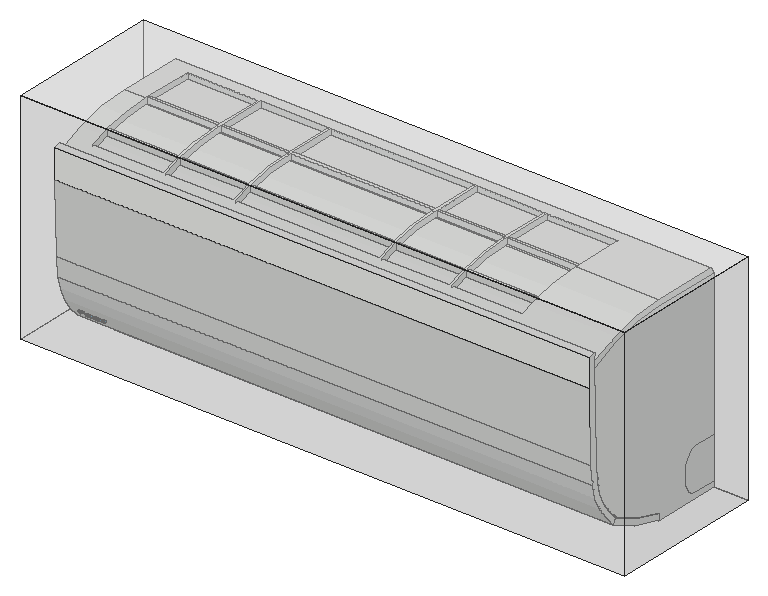
Revit family "outputfile", category 機械設備, Revit 2024
Family settings
  丸型コネクタ寸法 = 半径を使用
  パーツ タイプ = 標準
  OmniClass 番号 = 23.75.10.24.21.27.27
  OmniClass タイトル = Split System Air Conditioning Units
  作業面ベース = いいえ
  常に垂直 = はい
  ロード時にボイドで切り取り = いいえ
  注釈の向きを維持 = いいえ
  共有 = いいえ
  部屋計算ポイント = いいえ
Parameters (values of type "FTXF46WVMA")
  Description = ""
  書き出し IFC クラス(タイプ) = "IfcUnitaryEquipmentType"
  定義済み IFC タイプ(タイプ) = "AIRCONDITIONINGUNIT"
  Cost = 0
  Type Comments = ""
  Keynote = ""
  Type Image = (empty or 0)
  Assembly Code = ""
  w_wall hole = if(Width = 770.0 mm, 48.0 mm, 60.0 mm)  # 48.0 mm
  製造元 = "Daikin"
  モデル = "FTXF46WVMA"
  switch_frequency = yes
  r_Liquid Pipe Size = Liquid Pipe Size / 2  # 3.2 mm
  r_Gas Pipe Size = Gas Pipe Size / 2  # 6.35 mm
  r_Drain Pipe Size = Drain Pipe Size / 2  # 8.0 mm
  lw_powersupply [instance] = if(Width = 770.0 mm, if(or(Rear Right Connection_refrigerant, Bottom Right Connection_refrigerant), 25.0 mm, if(or(Rear Left Connection_refrigerant, Bottom Left Connection_refrigerant), 745.0 mm, 400.0 mm)), if(Width = 990.0 mm, if(or(Rear Right Connection_refrigerant, Bottom Right Connection_refrigerant), 40.0 mm, if(or(Rear Left Connection_refrigerant, Bottom Left Connection_refrigerant), 920.0 mm, 400.0 mm)), if(or(Rear Right Connection_refrigerant, Bottom Right Connection_refrigerant), 40.0 mm, if(or(Rear Left Connection_refrigerant, Bottom Left Connection_refrigerant), 920.0 mm, 400.0 mm))))  # 400.0 mm
  lw_liquidpipe [instance] = if(Width = 770.0 mm, if(or(Rear Right Connection_refrigerant, Bottom Right Connection_refrigerant), 0.0 mm, if(or(Rear Left Connection_refrigerant, Bottom Left Connection_refrigerant), 664.0 mm, 385.0 mm)), if(Width = 990.0 mm, if(or(Rear Right Connection_refrigerant, Bottom Right Connection_refrigerant), 0.0 mm, if(or(Rear Left Connection_refrigerant, Bottom Left Connection_refrigerant), 664.0 mm + (990.0 mm - 770.0 mm), 475.0 mm)), if(or(Rear Right Connection_refrigerant, Bottom Right Connection_refrigerant), 0.0 mm, if(or(Rear Left Connection_refrigerant, Bottom Left Connection_refrigerant), 664.0 mm + (990.0 mm - 770.0 mm), 475.0 mm))))  # 385.0 mm
  lw_gaspipe [instance] = if(Width = 770.0 mm, if(or(Rear Right Connection_refrigerant, Bottom Right Connection_refrigerant), 0.0 mm, if(or(Rear Left Connection_refrigerant, Bottom Left Connection_refrigerant), 675.0 mm, if(Gas Pipe Size = 12.7 mm, 335.0 mm, 335.0 mm))), if(Width = 990.0 mm, if(or(Rear Right Connection_refrigerant, Bottom Right Connection_refrigerant), 10.0 mm, if(or(Rear Left Connection_refrigerant, Bottom Left Connection_refrigerant), 890.0 mm, if(Gas Pipe Size = 15.9 mm, 400.0 mm, 400.0 mm))), if(or(Rear Right Connection_refrigerant, Bottom Right Connection_refrigerant), 10.0 mm, if(or(Rear Left Connection_refrigerant, Bottom Left Connection_refrigerant), 890.0 mm, if(Gas Pipe Size = 15.9 mm, 400.0 mm, 400.0 mm)))))  # 335.0 mm
  lw_drainpipe [instance] = if(Width = 770.0 mm, if(or(Rear Right Connection_refrigerant, Bottom Right Connection_refrigerant), 0.0 mm, if(or(Rear Left Connection_refrigerant, Bottom Left Connection_refrigerant), 770.0 mm - 48.0 mm - 48.0 mm, 440.0 mm)), if(Width = 990.0 mm, if(or(Rear Right Connection_refrigerant, Bottom Right Connection_refrigerant), 0.0 mm, if(or(Rear Left Connection_refrigerant, Bottom Left Connection_refrigerant), 675.0 mm + (990.0 mm - 770.0 mm), 435.0 mm)), if(or(Rear Right Connection_refrigerant, Bottom Right Connection_refrigerant), 0.0 mm, if(or(Rear Left Connection_refrigerant, Bottom Left Connection_refrigerant), 675.0 mm + (990.0 mm - 770.0 mm), 435.0 mm))))  # 440.0 mm
  l_powersupply_length [instance] = if(Width = 770.0 mm, if(Right Connection_refrigerant, 400.0 mm, if(Left Connection_refrigerant, 770.0 mm - 400.0 mm, if(or(Rear Left Connection_refrigerant, Rear Right Connection_refrigerant), 15.0 mm, 50.0 mm))), if(Width = 990.0 mm, if(Right Connection_refrigerant, 400.0 mm, if(Left Connection_refrigerant, 990.0 mm - 400.0 mm, if(or(Rear Left Connection_refrigerant, Rear Right Connection_refrigerant), 15.0 mm, 50.0 mm))), if(Right Connection_refrigerant, 400.0 mm, if(Left Connection_refrigerant, 990.0 mm - 400.0 mm, if(or(Rear Left Connection_refrigerant, Rear Right Connection_refrigerant), 15.0 mm, 50.0 mm)))))  # 400.0 mm
  l_liquidpipe_length [instance] = if(Width = 770.0 mm, if(Right Connection_refrigerant, 433.0 mm, if(Left Connection_refrigerant, 337.0 mm, if(or(Rear Left Connection_refrigerant, Rear Right Connection_refrigerant), 30.0 mm, 40.0 mm))), if(Width = 990.0 mm, if(Right Connection_refrigerant, 535.0 mm, if(Left Connection_refrigerant, 455.0 mm, if(or(Rear Left Connection_refrigerant, Rear Right Connection_refrigerant), 30.0 mm, 40.0 mm))), if(Right Connection_refrigerant, 535.0 mm, if(Left Connection_refrigerant, 455.0 mm, if(or(Rear Left Connection_refrigerant, Rear Right Connection_refrigerant), 30.0 mm, 40.0 mm)))))  # 433.0 mm
  l_gaspipe_length [instance] = if(Width = 770.0 mm, if(Right Connection_refrigerant, if(Gas Pipe Size = 12.7 mm, 383.0 mm, 383.0 mm), if(Left Connection_refrigerant, if(Gas Pipe Size = 12.7 mm, 770.0 mm - 383.0 mm, 770.0 mm - 383.0 mm), if(or(Rear Left Connection_refrigerant, Rear Right Connection_refrigerant), 40.0 mm, 50.0 mm))), if(Width = 990.0 mm, if(Right Connection_refrigerant, if(Gas Pipe Size = 15.9 mm, 460.0 mm, 460.0 mm), if(Left Connection_refrigerant, if(Gas Pipe Size = 15.9 mm, 990.0 mm - 460.0 mm, 990.0 mm - 460.0 mm), if(or(Rear Left Connection_refrigerant, Rear Right Connection_refrigerant), 40.0 mm, 50.0 mm))), if(Right Connection_refrigerant, if(Gas Pipe Size = 15.9 mm, 460.0 mm, 460.0 mm), if(Left Connection_refrigerant, if(Gas Pipe Size = 15.9 mm, 990.0 mm - 460.0 mm, 990.0 mm - 460.0 mm), if(or(Rear Left Connection_refrigerant, Rear Right Connection_refrigerant), 40.0 mm, 50.0 mm)))))  # 383.0 mm
  l_drainpipe_length [instance] = if(Width = 770.0 mm, if(Right Connection_refrigerant, 488.0 mm, if(Left Connection_refrigerant, 282.0 mm, if(or(Rear Left Connection_refrigerant, Rear Right Connection_refrigerant), 15.0 mm, 20.0 mm))), if(Width = 990.0 mm, if(Right Connection_refrigerant, 495.0 mm, if(Left Connection_refrigerant, 495.0 mm, if(or(Rear Left Connection_refrigerant, Rear Right Connection_refrigerant), 15.0 mm, 20.0 mm))), if(Right Connection_refrigerant, 495.0 mm, if(Left Connection_refrigerant, 495.0 mm, if(or(Rear Left Connection_refrigerant, Rear Right Connection_refrigerant), 15.0 mm, 20.0 mm)))))  # 488.0 mm
  h*** = 0.0 mm  # constant formula
  connector_voltage = Voltage_50Hz  # 230 V
  connector_powerinput = if([Power Input (Cooling)] > [Power Input (Heating)], [Power Input (Cooling)], [Power Input (Heating)])  # 0.000 kW
  connector_phase = Phase_50Hz  # 1
  angle_vertical [instance] = if(or(Bottom Left Connection_refrigerant, Bottom Right Connection_refrigerant), 0.00°, 90.00°)  # 90.00°
  angle_horizontal [instance] = if(Right Connection_refrigerant, 90.00°, if(Left Connection_refrigerant, -90.00°, if(or(Rear Left Connection_refrigerant, Rear Right Connection_refrigerant), 180.00°, 0.00°)))  # 90.00°
  Width = 770.0 mm
  Voltage_comment_50Hz = "220 - 240"
  Voltage_50Hz = 230 V
  Version = "ver.1.0"
  Unit Type = "Wall Mounted"
  Unit Mass Weight = 9.00 kg
  Unit Designation [instance] = ""
  Uniclass2015Version = "Products v1.30"
  Uniclass2015Title = "Split coil room air conditioning units"
  Uniclass2015Code = "Pr_70_65_03_86"
  URL = ""
  Total Heating Capacity [instance] = 0.000 kW
  Total Cooling Capacity [instance] = 0.000 kW
  Sound Pressure Level_M speed (dBA) = 39
  Sound Pressure Level_L speed (dBA) = 35
  Sound Pressure Level_H speed (dBA) = 44
  Sound Power Level_H speed (dB) = 0
  Series = "Single Split_Fan Coil Unit"
  Sensible Cooling Capacity [instance] = 0.000 kW
  Refrigerant Type = "R32"
  Power Input (Heating) = 0.000 kW
  Power Input (Cooling) = 0.000 kW
  Phase_50Hz = 1
  Option Accessory 3 [instance] = ""
  Option Accessory 2 [instance] = ""
  Option Accessory 1 [instance] = ""
  Nominal Heating Capacity = 4.700 kW
  Nominal Cooling Capacity = 4.600 kW
  Minimum Circuit Amps_50Hz = 0.0 A
  Minimum Airflow = 498.00 m³/h
  Median Airflow = 606.00 m³/h
  Maximum Fuse Amps_50Hz = 0.0 A
  Maximum Airflow = 720.00 m³/h
  Material_Casing = DAIKIN_PureWhite_Casing_indoorunit
  Load Classification = HVAC
  Liquid Pipe Size = 6.4 mm
  Link_Nested Family [instance] = ""
  IfcVersion = ""
  IfcExportType = "AIRCONDITIONINGUNIT"
  IfcExportAs = "IfcUnitaryEquipmentType"
  Height = 285.0 mm
  Heating Entering Wet Bulb Temperature [instance] = 0.00 °C
  Heating Entering Dry Bulb Temperature [instance] = 0.00 °C
  Heating Ambient Wet Bulb Temperature [instance] = 0.00 °C
  Heating Ambient Dry Bulb Temperature [instance] = 0.00 °C
  Heat Exchanger Type = "Cross Fin Coil"
  Gas Pipe Size = 12.7 mm
  Frequency_50Hz = 50 Hz
  Fan Type = "Cross Flow Fan"
  Fan Drive = "Direct Drive"
  FCU Tag No. [instance] = ""
  Drain Pipe Size = 16.0 mm
  Design Supply Airflow [instance] = 0.00 m³/h
  Depth = 223.0 mm
  既定の高さ = 0.0 mm
  Cooling Entering Wet Bulb Temperature [instance] = 0.00 °C
  Cooling Entering Dry Bulb Temperature [instance] = 0.00 °C
  Cooling Ambient Wet Bulb Temperature [instance] = 0.00 °C
  Cooling Ambient Dry Bulb Temperature [instance] = 0.00 °C
  Clearance visibility [instance] = yes
  Clearance Top = 30.0 mm
  Clearance Right = 50.0 mm
  Clearance Rear = 0.0 mm
  Clearance Left = 50.0 mm
  Clearance Front = 0.0 mm
  Clearance Bottom = 0.0 mm
  Bottom Right Connection_refrigerant [instance] = no
  Bottom Left Connection_refrigerant [instance] = no
  Rear Right Connection_refrigerant [instance] = no
  Rear Left Connection_refrigerant [instance] = no
  Right Connection_refrigerant [instance] = yes
  Left Connection_refrigerant [instance] = no
Reference planes
  plane 1 "Back": y = 0
  plane 2: z = 0
  plane 3 "Center (Left/Right)": x = 0
  plane 4 "Center (Front/Back)": y = -111.5
  plane 5 "Front": y = -223
  plane 6 "Left": x = -385
  plane 7 "Right": x = 385
  plane 8 "Top": z = 0
  plane 9 "Bottom": z = -285
  plane 10: x = -435
  plane 11: x = 435
  plane 12: y = 0
  plane 13: y = -223
  plane 14: z = 30
  plane 15: z = -285
  plane 16 "lw_Piping and Wiring intake": x = 337
  plane 17 "lw_gaspipe": x = 2
  plane 18 "lw_liquidpipe": x = -48
  plane 19 "lw_drainpipe": x = -103
  plane 20 "lh_drainpipe": z = -265
  plane 21 "lh_liquidpipe": z = -245
  plane 22 "lh_gaspipe": z = -235
  plane 23 "ld_drainpipe": y = -15
  plane 24 "ld_liquidpipe": y = -30
  plane 25 "ld_gaspipe": y = -40
  plane 26 "lw_powersupply": x = -15
Dimensions and locks
  equal spacing: plane 6 "Left", plane 3 "Center (Left/Right)", plane 7 "Right"
  "Width": plane 6 "Left" to plane 7 "Right"
  equal spacing: plane 5 "Front", plane 4 "Center (Front/Back)", plane 1 "Back"
  "Depth": plane 5 "Front" to plane 1 "Back"
  "Height": plane 8 "Top" to plane 9 "Bottom"
  "Clearance Rear": plane 12 to plane 1 "Back"
  "Clearance Front": plane 13 to plane 5 "Front"
  "Clearance Top": plane 14 to plane 8 "Top"
  "Clearance Bottom": plane 9 "Bottom" to plane 15
  "w_wall hole": plane 16 "lw_Piping and Wiring intake" to plane 7 "Right"
  "lw_gaspipe": plane 17 "lw_gaspipe" to plane 16 "lw_Piping and Wiring intake"
  "lw_liquidpipe": plane 18 "lw_liquidpipe" to plane 16 "lw_Piping and Wiring intake"
  "lw_drainpipe": plane 19 "lw_drainpipe" to plane 16 "lw_Piping and Wiring intake"
  locked: plane 20 "lh_drainpipe" to plane 9 "Bottom" at 20
  locked: plane 21 "lh_liquidpipe" to plane 9 "Bottom" at 40
  locked: plane 22 "lh_gaspipe" to plane 9 "Bottom" at 50
  locked: plane 23 "ld_drainpipe" to plane 1 "Back" at 15
  locked: plane 1 "Back" to plane 24 "ld_liquidpipe" at 30
  locked: plane 1 "Back" to plane 25 "ld_gaspipe" at 40
  "lw_powersupply": plane 26 "lw_powersupply" to plane 7 "Right"
  "Clearance Left": plane 10 to plane 6 "Left"
  "Clearance Right": plane 7 "Right" to plane 11
  aligned and locked: level to plane 2
  aligned and locked: plane 12 to nested 1
  aligned and locked: nested 1 to plane 13
  aligned and locked: plane 10 to nested 1
  aligned and locked: plane 11 to nested 1
  aligned and locked: plane 15 to nested 1
  aligned and locked: plane 14 to nested 1
  aligned and locked: plane 17 "lw_gaspipe" to nested 2
  aligned and locked: nested 2 to plane 25 "ld_gaspipe"
  aligned and locked: plane 18 "lw_liquidpipe" to nested 3
  aligned and locked: nested 3 to plane 24 "ld_liquidpipe"
  aligned and locked: plane 19 "lw_drainpipe" to nested 4
  aligned and locked: nested 4 to plane 23 "ld_drainpipe"
  aligned and locked: nested 5 to plane 23 "ld_drainpipe"
  aligned and locked: plane 26 "lw_powersupply" to nested 5
  aligned and locked: level to plane 8 "Top"
  aligned and locked: plane 3 "Center (Left/Right)" to nested 6
  aligned and locked: plane 1 "Back" to nested 6
  aligned and locked: plane 8 "Top" to nested 6
Nested families
  nested 1: "daikin_clearancespace" at (0, -111.5, -127.381), show <- "Clearance visibility", visible <- "Clearance visibility", Link_Nested Family <- "Link_Nested Family", type "daikin_clearancespace"
    with width 870.0 mm, show yes, height 315.0 mm, depth 223.0 mm, Link_Nested Family ""
  nested 2: "daikin_connector_rotate3" at (2, -40, -235), angle_vertical <- "angle_vertical", angle_horizontal <- "angle_horizontal", length <- "l_gaspipe_length", radius <- "r_Gas Pipe Size", type "daikin_connector_rotate3"
    with show no, radius 6.35 mm, length 383.0 mm, angle_vertical 90.00°, angle_horizontal 90.00°
  nested 3: "daikin_connector_rotate3" at (-48, -30, -245), angle_vertical <- "angle_vertical", angle_horizontal <- "angle_horizontal", radius <- "r_Liquid Pipe Size", length <- "l_liquidpipe_length", type "daikin_connector_rotate3"
    with show no, radius 3.2 mm, length 433.0 mm, angle_vertical 90.00°, angle_horizontal 90.00°
  nested 4: "daikin_connector_rotate3" at (-103, -15, -265), angle_vertical <- "angle_vertical", angle_horizontal <- "angle_horizontal", length <- "l_drainpipe_length", radius <- "r_Drain Pipe Size", type "daikin_connector_rotate3"
    with show no, radius 8.0 mm, length 488.0 mm, angle_vertical 90.00°, angle_horizontal 90.00°
  nested 5: "daikin_connector_rotate3" at (-15, -15, -235), angle_vertical <- "angle_vertical", angle_horizontal <- "angle_horizontal", length <- "l_powersupply_length", type "daikin_connector_rotate3"
    with show no, radius 10.0 mm, length 400.0 mm, angle_vertical 90.00°, angle_horizontal 90.00°
  nested 6: "DAIKIN_indoorunit_FTXF-WVMA" at (-31, 0, 0), type "FTXF-WVMA"
Connectors
  piping at (385, -40, -235), diameter 12.7, driven by "r_Gas Pipe Size"
    settings: on nested 2, index 1, connector inside diameter 609.6 mm, connector length 0.0 mm, flow factor 0, pipe flow 0.00 m³/h, pressure drop 0.0 Pa, fitting loss kfactor 0, connector angle 0.00°, fixture units 0, engagement length 0.0 mm, angle of deflection 0.00°, flow configuration 1, flow direction 2, fitting loss method 0, system type 29, joint type 0, gender type 0, connector reference index -1, connector utility 0, adjustable connector no, is connector primary yes, connector description "Refrigerant Gas Piping"
  piping at (385, -30, -245), diameter 6.4, driven by "r_Liquid Pipe Size"
    settings: on nested 3, index 2, connector inside diameter 609.6 mm, connector length 0.0 mm, flow factor 0, pipe flow 0.00 m³/h, pressure drop 0.0 Pa, fitting loss kfactor 0, connector angle 0.00°, fixture units 0, engagement length 0.0 mm, angle of deflection 0.00°, flow configuration 1, flow direction 1, fitting loss method 0, system type 29, joint type 0, gender type 0, connector reference index -1, connector utility 0, adjustable connector no, is connector primary no, connector description "Refrigerant Liquid Piping"
  piping at (385, -15, -265), diameter 16, driven by "r_Drain Pipe Size"
    settings: on nested 4, index 3, connector inside diameter 609.6 mm, connector length 0.0 mm, flow factor 0, pipe flow 0.00 m³/h, pressure drop 0.0 Pa, fitting loss kfactor 0, connector angle 0.00°, fixture units 0, engagement length 0.0 mm, angle of deflection 0.00°, flow configuration 1, flow direction 2, fitting loss method 4, system type 16, joint type 0, gender type 0, connector reference index -1, connector utility 0, adjustable connector no, is connector primary no, connector description "Condensate Drain Piping"
  electrical at (385, -15, -235), driven by "Load Classification", driven by "connector_voltage", driven by "connector_powerinput", driven by "connector_phase"
    settings: on nested 5, index 4, voltage 230 V, apparent load 0 VA, apparent load phase1 0 VA, apparent load phase2 0 VA, apparent load phase3 0 VA, power factor 1, load classification "HVAC", number of poles 1, system type 30, power factor state 1, is connector primary yes, connector utility no, sub classification motor no, connector description "Power Supply"
Definition of nested family "daikin_clearancespace"
  Parameters (values of type "daikin_clearancespace")
    Description = "daikin_clearancespace"
    width [instance] = 1823.963 mm
    show [instance] = yes
    material = none
    height [instance] = 1359.762 mm
    depth [instance] = 880.0 mm
    Default Elevation = 0.0 mm
    Link_Nested Family [instance] = ""
  Reference planes
    plane 1 "Center (Front/Back)": y = 0
    plane 2 "Center (Elevation)": z = -0.119
    plane 3 "Center (Left/Right)": x = 0
    plane 4: y = 440
    plane 5: y = -440
    plane 6 "Right": x = 911.982
    plane 7 "Left": x = -911.982
    plane 8 "Top": z = 679.762
    plane 9 "Bottom": z = -680
  Forms (mm)
    Extrusion 1, solid, material <- "material", visible <- "show"
      sketch origin (0, 0, 0) x (1, 0, 0) y (0, 1, 0)
        loop
          line (-911.982, 440) -> (-911.982, -440) -> (911.982, -440) -> (911.982, 440) -> (-911.982, 440)
      from -680 to 679.762
  Lines and regions (mm)
    symbolic lines, visible <- "show"
      curve 1: line (911.982, 440, 0) -> (-911.982, 440, 0)
      curve 2: line (-911.982, 440, 0) -> (-911.982, -440, 0)
      curve 3: line (-911.982, -440, 0) -> (911.982, -440, 0)
      curve 4: line (911.982, -440, 0) -> (911.982, 440, 0)
      curve 5: line (911.982, 0, 679.762) -> (-911.982, 0, 679.762)
      curve 6: line (911.982, 0, -680) -> (911.982, 0, 679.762)
      curve 7: line (-911.982, 0, -680) -> (911.982, 0, -680)
      curve 8: line (-911.982, 0, 679.762) -> (-911.982, 0, -680)
      curve 9: line (0, 440, 679.762) -> (0, -440, 679.762)
      curve 10: line (0, -440, 679.762) -> (0, -440, -680)
      curve 11: line (0, 440, -680) -> (0, 440, 679.762)
      curve 12: line (0, -440, -680) -> (0, 440, -680)
  Dimensions and locks
    "width": plane 7 "Left" to plane 6 "Right"
    "depth": plane 4 to plane 5
    "height": plane 8 "Top" to plane 9 "Bottom"
    equal spacing: plane 7 "Left", plane 3 "Center (Left/Right)", plane 6 "Right"
    equal spacing: plane 4, plane 1 "Center (Front/Back)", plane 5
    equal spacing: plane 8 "Top", plane 2 "Center (Elevation)", plane 9 "Bottom"
    aligned and locked: level to plane 2 "Center (Elevation)"
    aligned and locked: Extrusion 1 sketch curve to plane 4
    aligned and locked: plane 7 "Left" to Extrusion 1 sketch curve
    aligned and locked: Extrusion 1 sketch curve to plane 5
    aligned and locked: Extrusion 1 sketch curve to plane 6 "Right"
    aligned and locked: plane 8 "Top" to Extrusion 1
    aligned and locked: curve 1 to Extrusion 1
    aligned and locked: curve 2 to Extrusion 1
    aligned and locked: curve 3 to Extrusion 1
    aligned and locked: curve 4 to Extrusion 1
    aligned and locked: curve 5 to Extrusion 1
    aligned and locked: curve 6 to Extrusion 1
    aligned and locked: curve 7 to Extrusion 1
    aligned and locked: curve 8 to Extrusion 1
    aligned and locked: curve 9 to Extrusion 1
    aligned and locked: curve 10 to Extrusion 1
    aligned and locked: curve 11 to Extrusion 1
    aligned and locked: curve 12 to Extrusion 1
    aligned and locked: Extrusion 1 to plane 9 "Bottom"
Definition of nested family "DAIKIN_indoorunit_FTXF-WVMA"
  Parameters (values of type "FTKF-TVMA")
    switch_unit1_60-71 = Width = 990.0 mm  # no
    switch_unit1_20-50 = Width = 770.0 mm  # yes
    Width = 770.0 mm
    WALL HOLE-R = if(Width = 770.0 mm, 48.0 mm, 60.0 mm)  # 48.0 mm
    WALL HOLE Size = if(Width = 770.0 mm, 65.0 mm, 80.0 mm)  # 65.0 mm
    Material_Casing = none
    Height = if(Width = 770.0 mm, 285.0 mm, 295.0 mm)  # 285.0 mm
    Default Elevation = 0.0 mm
  Reference planes
    plane 1 "Center (Front/Back)": y = 0
    plane 2 "reference_level": z = 0
    plane 3 "Center (Left/Right)": x = 31
    plane 4: x = -354
    plane 5: x = 416
    plane 6: z = -285
  Forms (mm)
    Extrusion 1, solid, material <- "Material_Casing", visible <- "switch_unit1_20-50"
      sketch origin (29, 0, 0) x (0, 1, 0) y (0, 0, 1)
        loop
          line (-5, 0) -> (-98, 0)
          arc (-98, 0) -> (-157.611, -7.211) -> (-213.783, -28.427) r 250
          arc (-213.783, -28.427) -> (-213.842, -32.972) -> (-213.892, -37.516) r 2191
          arc (-213.892, -37.516) -> (-157.832, -15.495) -> (-98.07, -8) r 242
          line (-98.07, -8) -> (0, -8) -> (-5, 0)
      from -383 to 387
    Extrusion 2, solid, material <- "Material_Casing", visible <- "switch_unit1_20-50"
      sketch origin (416, 1296.25, 1200) x (0, 1, 0) y (0, 0, 1)
        loop
          line (-1472.998, -1446.91) -> (-1476.998, -1453.839)
          arc (-1476.998, -1453.839) -> (-1437.481, -1472.422) -> (-1395.25, -1483.538) r 240
          line (-1395.25, -1483.538) -> (-1395.25, -1475.422)
          arc (-1395.25, -1475.422) -> (-1435.407, -1464.663) -> (-1472.998, -1446.91) r 232
      from 0 to -47.5
    Extrusion 3, solid, material <- "Material_Casing", visible <- "switch_unit1_20-50"
      sketch origin (29, 0, 0) x (0, 1, 0) y (0, 0, 1)
        loop
          arc (-223, -60.455) -> (-222.414, -110.646) -> (-220.656, -160.81) r 2149.92
          arc (-220.656, -160.81) -> (-219.65, -174.299) -> (-217.853, -187.706) r 229.911
          arc (-217.853, -187.706) -> (-205.371, -223.594) -> (-181.517, -253.17) r 111
          line (-181.517, -253.17) -> (-177.429, -246.093)
          arc (-177.429, -246.093) -> (-198.77, -218.989) -> (-209.965, -186.36) r 103
          arc (-209.965, -186.36) -> (-211.681, -173.586) -> (-212.651, -160.735) r 221.844
          arc (-212.651, -160.735) -> (-214.739, -93.233) -> (-214.74, -25.699) r 2186.828
          arc (-214.74, -25.699) -> (-214.671, -21.467) -> (-214.594, -17.235) r 2192
          line (-214.594, -17.235) -> (-223, -19.961) -> (-223, -60.455)
      from -383 to 387
    Extrusion 4, solid, material <- "Material_Casing", visible <- "switch_unit1_20-50"
      sketch origin (29, 0, -20) x (0, 1, 0) y (0, 0, 1)
        loop
          line (0, -265) -> (0, 12) -> (-98.07, 12)
          arc (-98.07, 12) -> (-157.832, 4.505) -> (-213.892, -17.516) r 242
          arc (-213.892, -17.516) -> (-213.638, -79.114) -> (-211.653, -140.681) r 2191
          arc (-211.653, -140.681) -> (-210.685, -153.501) -> (-208.973, -166.243) r 221
          arc (-208.973, -166.243) -> (-197.471, -199.282) -> (-175.482, -226.491) r 102
          arc (-175.482, -226.491) -> (-138.004, -244.019) -> (-98, -254.579) r 231
          line (-98, -254.579) -> (-98, -265) -> (0, -265)
      from -383 to 387
    Extrusion 5, solid, material <- "Material_Casing", visible <- "switch_unit1_20-50"
      sketch origin (-354, 1296.25, 1200) x (0, 1, 0) y (0, 0, 1)
        loop
          line (-1472.998, -1446.91) -> (-1476.998, -1453.839)
          arc (-1476.998, -1453.839) -> (-1437.481, -1472.422) -> (-1395.25, -1483.538) r 240
          line (-1395.25, -1483.538) -> (-1395.25, -1475.422)
          arc (-1395.25, -1475.422) -> (-1435.407, -1464.663) -> (-1472.998, -1446.91) r 232
      from 47 to 0
    Extrusion 6, solid, material <- "Material_Casing", visible <- "switch_unit1_20-50"
      sketch origin (416, 1296.25, 1200) x (0, 1, 0) y (0, 0, 1)
        loop
          line (-1472.998, -1446.91) -> (-1476.998, -1453.839)
          arc (-1476.998, -1453.839) -> (-1443.437, -1470.168) -> (-1407.75, -1481.097) r 240
          line (-1407.75, -1481.097) -> (-1407.75, -1472.894)
          arc (-1407.75, -1472.894) -> (-1441.363, -1462.385) -> (-1472.998, -1446.91) r 232
      from -116.993 to -48.493
    Extrusion 7, solid, material <- "Material_Casing", visible <- "switch_unit1_20-50"
      sketch origin (416, 1296.25, 1200) x (0, 1, 0) y (0, 0, 1)
        loop
          line (-1472.998, -1446.91) -> (-1476.998, -1453.839)
          arc (-1476.998, -1453.839) -> (-1443.437, -1470.168) -> (-1407.75, -1481.097) r 240
          line (-1407.75, -1481.097) -> (-1407.75, -1472.894)
          arc (-1407.75, -1472.894) -> (-1441.363, -1462.385) -> (-1472.998, -1446.91) r 232
      from -717 to -121.993
    Extrusion 8, void
      sketch origin (31, 0, -235) x (1, 0, 0) y (0, 1, 0)
        loop
          line (-252.674, -22.316) -> (-354.941, -22.316) -> (-354.941, -91.341) -> (-252.674, -91.341) -> (-252.674, -22.316)
        loop
          line (-249.341, -91.341) -> (-151.574, -91.341) -> (-151.574, -22.316) -> (-249.341, -22.316) -> (-249.341, -91.341)
        loop
          line (58.309, -22.316) -> (-148.309, -22.316) -> (-148.309, -91.341) -> (58.309, -91.341) -> (58.309, -22.316)
        loop
          line (61.689, -22.316) -> (61.689, -91.341) -> (159.457, -91.341) -> (159.457, -22.316) -> (61.689, -22.316)
        loop
          line (162.789, -22.316) -> (162.789, -91.341) -> (265.057, -91.341) -> (265.057, -22.316) -> (162.789, -22.316)
        loop
          line (-354.941, -94.659) -> (-354.941, -165.259) -> (-252.674, -165.259) -> (-252.674, -94.659) -> (-354.941, -94.659)
        loop
          line (-249.341, -94.659) -> (-249.341, -165.259) -> (-151.574, -165.259) -> (-151.574, -94.659) -> (-249.341, -94.659)
        loop
          line (-148.309, -94.659) -> (-148.309, -165.259) -> (58.309, -165.259) -> (58.309, -94.659) -> (-148.309, -94.659)
        loop
          line (61.689, -94.659) -> (61.689, -165.259) -> (159.457, -165.259) -> (159.457, -94.659) -> (61.689, -94.659)
        loop
          line (162.789, -94.659) -> (162.789, -165.259) -> (265.057, -165.259) -> (265.057, -94.659) -> (162.789, -94.659)
        loop
          line (-354.941, -167.382) -> (-354.941, -192.681) -> (-252.674, -192.681) -> (-252.674, -167.382) -> (-354.941, -167.382)
        loop
          line (-249.341, -167.382) -> (-249.341, -192.681) -> (-151.574, -192.681) -> (-151.574, -167.382) -> (-249.341, -167.382)
        loop
          line (-148.309, -167.382) -> (-148.309, -192.681) -> (58.309, -192.681) -> (58.309, -167.382) -> (-148.309, -167.382)
        loop
          line (159.457, -167.382) -> (61.689, -167.382) -> (61.689, -192.681) -> (159.457, -192.681) -> (159.457, -167.382)
        loop
          line (265.057, -167.382) -> (162.789, -167.382) -> (162.789, -192.681) -> (265.057, -192.681) -> (265.057, -167.382)
      from 201.638 to 250
    Extrusion 9, solid, material <- "Material_Casing"
      sketch origin (31, 0, 0) x (1, 0, 0) y (0, 0, 1)
        loop
          circle (337, -240.5) r 32.5
        loop
          circle (-337, -240.5) r 32.5
      from 0 to 5
    Extrusion 10, solid, material <- "Material_Casing", visible <- "switch_unit1_20-50"
      sketch origin (416, 1296.25, 1200) x (0, -1, 0) y (0, 0, 1)
        loop
          line (1326.25, -1417) -> (1296.25, -1417) -> (1296.25, -1477) -> (1326.25, -1477)
          arc (1326.25, -1477) -> (1340.393, -1471.142) -> (1346.25, -1457) r 20
          line (1346.25, -1457) -> (1346.25, -1437)
          arc (1346.25, -1437) -> (1340.393, -1422.858) -> (1326.25, -1417) r 20
      from 0 to 5
    Extrusion 11, solid, material <- "Material_Casing", visible <- "switch_unit1_20-50"
      sketch origin (-354, 1296.25, 1200) x (0, 1, 0) y (0, 0, 1)
        loop
          line (-1296.25, -1417) -> (-1326.25, -1417)
          arc (-1326.25, -1417) -> (-1340.393, -1422.858) -> (-1346.25, -1437) r 20
          line (-1346.25, -1437) -> (-1346.25, -1457)
          arc (-1346.25, -1457) -> (-1340.393, -1471.142) -> (-1326.25, -1477) r 20
          line (-1326.25, -1477) -> (-1296.25, -1477) -> (-1296.25, -1417)
      from 0 to 5
    Extrusion 12, solid, material <- "Material_Casing", visible <- "switch_unit1_20-50"
      sketch origin (31, 0, -285) x (-1, 0, 0) y (0, -1, 0)
        loop
          line (-314, 0) -> (-314, 30)
          arc (-314, 30) -> (-319.858, 44.142) -> (-334, 50) r 20
          line (-334, 50) -> (-354, 50)
          arc (-354, 50) -> (-368.142, 44.142) -> (-374, 30) r 20
          line (-374, 30) -> (-374, 0) -> (-314, 0)
        loop
          line (374, 0) -> (374, 30)
          arc (374, 30) -> (368.142, 44.142) -> (354, 50) r 20
          line (354, 50) -> (334, 50)
          arc (334, 50) -> (319.858, 44.142) -> (314, 30) r 20
          line (314, 30) -> (314, 0) -> (374, 0)
      from 0 to 5
    Extrusion 13, solid, material <- "Material_Casing", visible <- "switch_unit1_60-71"
      sketch origin (31, 0, 0) x (0, 1, 0) y (0, 0, 1)
        loop
          line (-5, 0) -> (-138, 0)
          arc (-138, 0) -> (-197.611, -7.211) -> (-253.783, -28.427) r 250
          arc (-253.783, -28.427) -> (-253.838, -32.687) -> (-253.886, -36.946) r 2191
          arc (-253.886, -36.946) -> (-197.73, -15.346) -> (-138.014, -8) r 246.393
          line (-138.014, -8) -> (0, -8) -> (-5, 0)
      from -495 to 495
    Extrusion 14, solid, material <- "Material_Casing", visible <- "switch_unit1_60-71"
      sketch origin (418, 1296.25, 1200) x (0, 1, 0) y (0, 0, 1)
        loop
          arc (-1515.208, -1454.149) -> (-1506.856, -1460.599) -> (-1497.925, -1466.219) r 110
          arc (-1497.925, -1466.219) -> (-1445.718, -1487.493) -> (-1389.844, -1494.995) r 223
          line (-1389.844, -1494.995) -> (-1389.844, -1486.086) -> (-1404.386, -1486.086)
          arc (-1404.386, -1486.086) -> (-1449.542, -1477.46) -> (-1491.818, -1459.402) r 214.289
          arc (-1491.818, -1459.402) -> (-1501.056, -1453.541) -> (-1509.606, -1446.715) r 101
          line (-1509.606, -1446.715) -> (-1515.208, -1454.149)
      from 108 to 57.5
    Extrusion 15, solid, material <- "Material_Casing", visible <- "switch_unit1_60-71"
      sketch origin (31, 0, 0) x (0, 1, 0) y (0, 0, 1)
        loop
          line (-263, -19.962) -> (-263, -61.6)
          arc (-263, -61.6) -> (-262.414, -110.219) -> (-260.656, -158.81) r 2017.341
          arc (-260.656, -158.81) -> (-255.648, -191.935) -> (-244.041, -223.362) r 164.725
          arc (-244.041, -223.362) -> (-233.569, -239.793) -> (-219.717, -253.495) r 87.379
          line (-219.717, -253.495) -> (-214.706, -246.846)
          arc (-214.706, -246.846) -> (-229.564, -230.029) -> (-240.385, -210.371) r 102
          arc (-240.385, -210.371) -> (-249.049, -182.962) -> (-252.848, -154.467) r 165.789
          arc (-252.848, -154.467) -> (-254.771, -90.102) -> (-254.74, -25.708) r 2122.533
          arc (-254.74, -25.708) -> (-254.671, -21.469) -> (-254.594, -17.23) r 2192
          line (-254.594, -17.23) -> (-263, -19.962)
      from -495 to 495
    Extrusion 16, void
      sketch origin (33, 0, 0) x (1, 0, 0) y (0, 1, 0)
        loop
          line (-466.909, -22.316) -> (-466.909, -111.341) -> (-366.303, -111.341) -> (-366.303, -22.316) -> (-466.909, -22.316)
        loop
          line (-362.71, -22.316) -> (-362.71, -111.341) -> (-262.103, -111.341) -> (-262.103, -22.316) -> (-362.71, -22.316)
        loop
          line (-258.51, -22.316) -> (-258.51, -111.341) -> (-157.904, -111.341) -> (-157.904, -22.316) -> (-258.51, -22.316)
        loop
          line (-154.31, -22.316) -> (-154.31, -111.341) -> (-53.704, -111.341) -> (-53.704, -22.316) -> (-154.31, -22.316)
        loop
          line (-50.11, -22.316) -> (-50.11, -111.341) -> (50.496, -111.341) -> (50.496, -22.316) -> (-50.11, -22.316)
        loop
          line (54.089, -22.316) -> (54.089, -111.341) -> (154.696, -111.341) -> (154.696, -22.316) -> (54.089, -22.316)
        loop
          line (158.289, -22.316) -> (158.289, -111.341) -> (258.895, -111.341) -> (258.895, -22.316) -> (158.289, -22.316)
        loop
          line (262.489, -22.316) -> (262.489, -111.341) -> (363.095, -111.341) -> (363.095, -22.316) -> (262.489, -22.316)
        loop
          line (-466.909, -114.459) -> (-466.909, -185.059) -> (-366.303, -185.059) -> (-366.303, -114.459) -> (-466.909, -114.459)
        loop
          line (-362.71, -114.459) -> (-362.71, -185.059) -> (-262.103, -185.059) -> (-262.103, -114.459) -> (-362.71, -114.459)
        loop
          line (-258.51, -114.459) -> (-258.51, -185.059) -> (-157.904, -185.059) -> (-157.904, -114.459) -> (-258.51, -114.459)
        loop
          line (-154.31, -114.459) -> (-154.31, -185.059) -> (-53.704, -185.059) -> (-53.704, -114.459) -> (-154.31, -114.459)
        loop
          line (-50.11, -114.459) -> (-50.11, -185.059) -> (50.496, -185.059) -> (50.496, -114.459) -> (-50.11, -114.459)
        loop
          line (54.089, -114.459) -> (54.089, -185.059) -> (154.696, -185.059) -> (154.696, -114.459) -> (54.089, -114.459)
        loop
          line (158.289, -114.459) -> (158.289, -185.059) -> (258.895, -185.059) -> (258.895, -114.459) -> (158.289, -114.459)
        loop
          line (262.489, -114.459) -> (262.489, -185.059) -> (363.095, -185.059) -> (363.095, -114.459) -> (262.489, -114.459)
        loop
          line (-466.909, -187.382) -> (-466.909, -232.681) -> (-366.303, -232.681) -> (-366.303, -187.382) -> (-466.909, -187.382)
        loop
          line (-362.71, -187.382) -> (-362.71, -232.681) -> (-262.103, -232.681) -> (-262.103, -187.382) -> (-362.71, -187.382)
        loop
          line (-258.51, -187.382) -> (-258.51, -232.681) -> (-157.904, -232.681) -> (-157.904, -187.382) -> (-258.51, -187.382)
        loop
          line (-154.31, -187.382) -> (-154.31, -232.681) -> (-53.704, -232.681) -> (-53.704, -187.382) -> (-154.31, -187.382)
        loop
          line (-50.11, -187.382) -> (-50.11, -232.681) -> (50.496, -232.681) -> (50.496, -187.382) -> (-50.11, -187.382)
        loop
          line (54.089, -187.382) -> (54.089, -232.681) -> (154.696, -232.681) -> (154.696, -187.382) -> (54.089, -187.382)
        loop
          line (158.289, -187.382) -> (158.289, -232.681) -> (258.895, -232.681) -> (258.895, -187.382) -> (158.289, -187.382)
        loop
          line (262.489, -187.382) -> (262.489, -232.681) -> (363.095, -232.681) -> (363.095, -187.382) -> (262.489, -187.382)
      from -40.013 to 47.268
    Extrusion 17, solid, material <- "Material_Casing", visible <- "switch_unit1_60-71"
      sketch origin (-356, 1296.25, 1200) x (0, 1, 0) y (0, 0, -1)
        loop
          line (-1515.208, 1454.149) -> (-1509.606, 1446.715)
          arc (-1509.606, 1446.715) -> (-1501.056, 1453.541) -> (-1491.818, 1459.402) r 101
          arc (-1491.818, 1459.402) -> (-1449.542, 1477.46) -> (-1404.386, 1486.086) r 214.289
          line (-1404.386, 1486.086) -> (-1389.844, 1486.086) -> (-1389.844, 1494.995)
          arc (-1389.844, 1494.995) -> (-1445.718, 1487.493) -> (-1497.925, 1466.219) r 223
          arc (-1497.925, 1466.219) -> (-1506.856, 1460.599) -> (-1515.208, 1454.149) r 110
      from 108 to 61
    Extrusion 18, solid, material <- "Material_Casing", visible <- "switch_unit1_60-71"
      sketch origin (418, 1296.25, 1200) x (0, 1, 0) y (0, 0, 1)
        loop
          arc (-1515.208, -1454.149) -> (-1506.856, -1460.599) -> (-1497.925, -1466.219) r 110
          arc (-1497.925, -1466.219) -> (-1463.185, -1482.066) -> (-1426.25, -1491.755) r 223
          line (-1426.25, -1491.755) -> (-1426.25, -1483.166)
          arc (-1426.25, -1483.166) -> (-1460.008, -1473.969) -> (-1491.818, -1459.402) r 214.289
          arc (-1491.818, -1459.402) -> (-1501.056, -1453.541) -> (-1509.606, -1446.715) r 101
          line (-1509.606, -1446.715) -> (-1515.208, -1454.149)
      from 56.5 to -36.993
    Extrusion 19, solid, material <- "Material_Casing", visible <- "switch_unit1_60-71"
      sketch origin (418, 1296.25, 1200) x (0, 1, 0) y (0, 0, 1)
        loop
          arc (-1426.25, -1483.166) -> (-1443.442, -1479.224) -> (-1460.25, -1473.881) r 214.289
          line (-1460.25, -1473.881) -> (-1460.25, -1483.089)
          arc (-1460.25, -1483.089) -> (-1443.421, -1488.091) -> (-1426.25, -1491.755) r 223
          line (-1426.25, -1491.755) -> (-1426.25, -1483.166)
      from -43.493 to -828.893
    Extrusion 20, solid, material <- "Material_Casing", visible <- "switch_unit1_60-71"
      sketch origin (418, 1296.25, 1200) x (0, 1, 0) y (0, 0, 1)
        loop
          arc (-1515.208, -1454.149) -> (-1506.856, -1460.599) -> (-1497.925, -1466.219) r 110
          arc (-1497.925, -1466.219) -> (-1479.479, -1475.527) -> (-1460.25, -1483.089) r 223
          line (-1460.25, -1483.089) -> (-1460.25, -1473.881)
          arc (-1460.25, -1473.881) -> (-1476.328, -1467.282) -> (-1491.818, -1459.402) r 214.289
          arc (-1491.818, -1459.402) -> (-1501.056, -1453.541) -> (-1509.606, -1446.715) r 101
          line (-1509.606, -1446.715) -> (-1515.208, -1454.149)
      from -43.493 to -828.893
    Extrusion 21, solid, material <- "Material_Casing", visible <- "switch_unit1_60-71"
      sketch origin (31, 0, -30) x (0, 1, 0) y (0, 0, 1)
        loop
          line (0, 22) -> (-138.014, 22)
          arc (-138.014, 22) -> (-197.73, 14.654) -> (-253.886, -6.946) r 246.393
          arc (-253.886, -6.946) -> (-253.682, -65.635) -> (-251.855, -124.295) r 2120.935
          arc (-251.855, -124.295) -> (-248.086, -152.682) -> (-239.461, -179.988) r 164.789
          arc (-239.461, -179.988) -> (-228.903, -199.231) -> (-214.437, -215.738) r 101
          line (-214.437, -215.738) -> (-212.406, -216.221)
          arc (-212.406, -216.221) -> (-204.07, -222.837) -> (-195.079, -228.53) r 100
          arc (-195.079, -228.53) -> (-145.557, -248.629) -> (-92.593, -255.785) r 213.289
          line (-92.593, -255.785) -> (-92.593, -265) -> (0, -265) -> (0, 22)
      from -495 to 495
    Extrusion 22, solid, material <- "Material_Casing", visible <- "switch_unit1_60-71"
      sketch origin (526, 1296.25, 1200) x (0, -1, 0) y (0, 0, 1)
        loop
          line (1326.25, -1427.035) -> (1296.25, -1427.035) -> (1296.25, -1487.035) -> (1326.25, -1487.035)
          arc (1326.25, -1487.035) -> (1340.393, -1481.177) -> (1346.25, -1467.035) r 20
          line (1346.25, -1467.035) -> (1346.25, -1447.035)
          arc (1346.25, -1447.035) -> (1340.393, -1432.892) -> (1326.25, -1427.035) r 20
      from 0 to 5
    Extrusion 23, solid, material <- "Material_Casing", visible <- "switch_unit1_60-71"
      sketch origin (-459, 1296.25, 1200) x (0, -1, 0) y (0, 0, 1)
        loop
          line (1326.25, -1427.035) -> (1296.25, -1427.035) -> (1296.25, -1487.035) -> (1326.25, -1487.035)
          arc (1326.25, -1487.035) -> (1340.393, -1481.177) -> (1346.25, -1467.035) r 20
          line (1346.25, -1467.035) -> (1346.25, -1447.035)
          arc (1346.25, -1447.035) -> (1340.393, -1432.892) -> (1326.25, -1427.035) r 20
      from 0 to 5
    Extrusion 24, solid, material <- "Material_Casing", visible <- "switch_unit1_60-71"
      sketch origin (31, 200, -295) x (-1, 0, 0) y (0, -1, 0)
        loop
          line (469, 200) -> (469, 230)
          arc (469, 230) -> (463.142, 244.142) -> (449, 250) r 20
          line (449, 250) -> (429, 250)
          arc (429, 250) -> (414.858, 244.142) -> (409, 230) r 20
          line (409, 230) -> (409, 200) -> (469, 200)
        loop
          line (-469, 200) -> (-409, 200) -> (-409, 230)
          arc (-409, 230) -> (-414.858, 244.142) -> (-429, 250) r 20
          line (-429, 250) -> (-449, 250)
          arc (-449, 250) -> (-463.142, 244.142) -> (-469, 230) r 20
          line (-469, 230) -> (-469, 200)
      from 0 to 5
  Cuts and joins
    Extrusion 8 cuts Extrusion 1
    Extrusion 16 cuts Extrusion 13
  Lines and regions (mm)
    reference lines
      curve 1: line (-523, -201.911, -229.404) -> (-523, -193.542, -239.977)
      curve 2: line (-523, -240.779, -229.404) -> (-523, -232.411, -239.977)
  Dimensions and locks
    locked: Extrusion 10 sketch curve to Extrusion 10 sketch curve at 60
    locked: Extrusion 10 sketch curve to Extrusion 10 sketch curve at 50
    locked: Extrusion 12 sketch curve to Extrusion 12 sketch curve at 60  (x2)
    locked: Extrusion 12 sketch curve to Extrusion 12 sketch curve at 50
    equal spacing: plane 5, plane 3 "Center (Left/Right)", plane 4
    "Width": plane 5 to plane 4
    locked: Extrusion 9 sketch curve to plane 4 at 48
    "WALL HOLE-R": plane 5 to Extrusion 9 sketch curve
    "Height": plane 2 "reference_level" to plane 6
    locked: Extrusion 9 sketch curve to plane 6 at 44.5  (x2)
    locked: Extrusion 15 to nested 2 at 15
    locked: Extrusion 22 sketch curve to Extrusion 22 sketch curve at 60
    locked: Extrusion 22 sketch curve to Extrusion 22 sketch curve at 50
    locked: Extrusion 23 sketch curve to Extrusion 23 sketch curve at 60
    locked: Extrusion 23 sketch curve to Extrusion 23 sketch curve at 50
    locked: Extrusion 24 sketch curve to Extrusion 24 sketch curve at 60  (x2)
    locked: Extrusion 24 sketch curve to Extrusion 24 sketch curve at 50  (x2)
    "WALL HOLE Size": diameter of Extrusion 9 sketch curve  (x2)
    aligned and locked: level to plane 2 "reference_level"
    aligned and locked: nested 1 to curve 1
    aligned and locked: Extrusion 11 sketch curve to Extrusion 10  (x4)
    aligned and locked: Extrusion 12 sketch curve to Extrusion 12 sketch curve  (x2)
    aligned and locked: Extrusion 9 to plane 1 "Center (Front/Back)"
    aligned and locked: nested 2 to curve 2
  Automatic sketch dimensions
    curve 1 to level = 239.977 mm
    plane 1 "Center (Front/Back)" to curve 1 = 193.542 mm
    curve 2 to curve 1 = 0.0 mm
    curve 2 to curve 2 = 10.573 mm
    curve 1 to curve 1 = 10.573 mm
    curve 1 to curve 1 = 8.368 mm
    curve 1 to curve 2 = 30.5 mm
    curve 2 to curve 2 = 8.368 mm
    Extrusion 1 sketch curve to level = 0.0 mm
    Extrusion 1 sketch curve to plane 1 "Center (Front/Back)" = 0.0 mm
    plane 1 "Center (Front/Back)" to Extrusion 1 sketch curve = 5.0 mm
    plane 1 "Center (Front/Back)" to Extrusion 1 sketch curve = 98.0 mm
    Extrusion 1 sketch curve to Extrusion 1 sketch curve = 0.07 mm
    Extrusion 1 sketch curve to level = 59.292 mm
    Extrusion 1 sketch curve to plane 1 "Center (Front/Back)" = 1977.0 mm
    Extrusion 1 sketch curve to level = 250.0 mm
    Extrusion 1 sketch curve to Extrusion 1 sketch curve = 0.0 mm
    Extrusion 1 sketch curve to level = 8.0 mm
    Extrusion 1 sketch curve to level = 28.427 mm
    plane 1 "Center (Front/Back)" to Extrusion 2 sketch curve = 180.748 mm
    Extrusion 2 sketch curve to Extrusion 2 sketch curve = 4.0 mm
    Extrusion 2 sketch curve to Extrusion 2 sketch curve = 77.747 mm
    plane 1 "Center (Front/Back)" to Extrusion 2 sketch curve = 59.279 mm
    Extrusion 2 sketch curve to Extrusion 2 sketch curve = 0.0 mm
    Extrusion 2 sketch curve to level = 283.538 mm
    Extrusion 2 sketch curve to Extrusion 2 sketch curve = 8.116 mm
    Extrusion 2 sketch curve to Extrusion 2 sketch curve = 21.583 mm
    Extrusion 2 sketch curve to Extrusion 2 sketch curve = 6.929 mm
    Extrusion 3 sketch curve to level = 19.961 mm
    plane 1 "Center (Front/Back)" to Extrusion 3 sketch curve = 223.0 mm
    Extrusion 3 sketch curve to level = 17.235 mm
    Extrusion 3 sketch curve to Extrusion 3 sketch curve = 8.406 mm
    plane 1 "Center (Front/Back)" to Extrusion 3 sketch curve = 181.517 mm
    Extrusion 3 sketch curve to Extrusion 3 sketch curve = 4.087 mm
    Extrusion 3 sketch curve to Extrusion 3 sketch curve = 69.11 mm
    Extrusion 3 sketch curve to Extrusion 3 sketch curve = 0.001 mm
    Extrusion 3 sketch curve to plane 1 "Center (Front/Back)" = 8.955 mm
    Extrusion 3 sketch curve to Extrusion 3 sketch curve = 0.067 mm
    Extrusion 3 sketch curve to level = 60.455 mm
    Extrusion 3 sketch curve to Extrusion 3 sketch curve = 1917.898 mm
    Extrusion 3 sketch curve to Extrusion 3 sketch curve = 44.907 mm
    Extrusion 3 sketch curve to Extrusion 3 sketch curve = 5.172 mm
    Extrusion 3 sketch curve to level = 150.456 mm
    Extrusion 3 sketch curve to Extrusion 3 sketch curve = 0.006 mm
    Extrusion 3 sketch curve to Extrusion 3 sketch curve = 19.265 mm
    Extrusion 3 sketch curve to Extrusion 3 sketch curve = 0.004 mm
    Extrusion 3 sketch curve to Extrusion 3 sketch curve = 76.368 mm
    Extrusion 3 sketch curve to Extrusion 3 sketch curve = 7.077 mm
    Extrusion 3 sketch curve to Extrusion 3 sketch curve = 1.002 mm
    Extrusion 3 sketch curve to Extrusion 3 sketch curve = 0.046 mm
    Extrusion 3 sketch curve to Extrusion 3 sketch curve = 8.005 mm
    Extrusion 3 sketch curve to Extrusion 3 sketch curve = 0.147 mm
    Extrusion 3 sketch curve to Extrusion 3 sketch curve = 0.0 mm
    Extrusion 4 sketch curve to plane 1 "Center (Front/Back)" = 0.0 mm
    plane 1 "Center (Front/Back)" to Extrusion 4 sketch curve = 59.278 mm
    Extrusion 4 sketch curve to Extrusion 4 sketch curve = 98.0 mm
    Extrusion 4 sketch curve to Extrusion 4 sketch curve = 0.0 mm  (x3)
    Extrusion 4 sketch curve to level = 8.0 mm
    Extrusion 4 sketch curve to Extrusion 4 sketch curve = 38.791 mm
    Extrusion 4 sketch curve to Extrusion 4 sketch curve = 10.249 mm
    Extrusion 4 sketch curve to plane 1 "Center (Front/Back)" = 9.11 mm
    Extrusion 4 sketch curve to level = 59.292 mm
    Extrusion 4 sketch curve to Extrusion 4 sketch curve = 1967.89 mm
    Extrusion 4 sketch curve to Extrusion 4 sketch curve = 142.454 mm
    Extrusion 4 sketch curve to Extrusion 4 sketch curve = 19.271 mm
    Extrusion 4 sketch curve to Extrusion 4 sketch curve = 80.275 mm
    Extrusion 4 sketch curve to Extrusion 4 sketch curve = 24.579 mm
    Extrusion 4 sketch curve to Extrusion 4 sketch curve = 10.421 mm
    Extrusion 4 sketch curve to level = 46.847 mm
    Extrusion 4 sketch curve to Extrusion 4 sketch curve = 77.412 mm
    Extrusion 4 sketch curve to Extrusion 4 sketch curve = 33.49 mm
    Extrusion 4 sketch curve to Extrusion 4 sketch curve = 2.68 mm
    plane 1 "Center (Front/Back)" to Extrusion 5 sketch curve = 180.748 mm
    Extrusion 5 sketch curve to Extrusion 5 sketch curve = 4.0 mm
    Extrusion 5 sketch curve to Extrusion 5 sketch curve = 77.747 mm
    plane 1 "Center (Front/Back)" to Extrusion 5 sketch curve = 59.279 mm
    Extrusion 5 sketch curve to Extrusion 5 sketch curve = 0.0 mm
    Extrusion 5 sketch curve to level = 283.538 mm
    Extrusion 5 sketch curve to Extrusion 5 sketch curve = 8.116 mm
    Extrusion 5 sketch curve to Extrusion 5 sketch curve = 21.583 mm
    Extrusion 5 sketch curve to Extrusion 5 sketch curve = 6.929 mm
    plane 1 "Center (Front/Back)" to Extrusion 6 sketch curve = 180.748 mm
    Extrusion 6 sketch curve to Extrusion 6 sketch curve = 4.0 mm
    Extrusion 6 sketch curve to Extrusion 6 sketch curve = 65.247 mm
    plane 1 "Center (Front/Back)" to Extrusion 6 sketch curve = 59.279 mm
    Extrusion 6 sketch curve to Extrusion 6 sketch curve = 0.0 mm
    Extrusion 6 sketch curve to level = 281.097 mm
    Extrusion 6 sketch curve to Extrusion 6 sketch curve = 8.203 mm
    Extrusion 6 sketch curve to Extrusion 6 sketch curve = 19.055 mm
    Extrusion 6 sketch curve to Extrusion 6 sketch curve = 6.929 mm
    plane 1 "Center (Front/Back)" to Extrusion 7 sketch curve = 180.748 mm
    Extrusion 7 sketch curve to Extrusion 7 sketch curve = 4.0 mm
    Extrusion 7 sketch curve to Extrusion 7 sketch curve = 65.247 mm
    plane 1 "Center (Front/Back)" to Extrusion 7 sketch curve = 59.279 mm
    Extrusion 7 sketch curve to Extrusion 7 sketch curve = 0.0 mm
    Extrusion 7 sketch curve to level = 281.097 mm
    Extrusion 7 sketch curve to Extrusion 7 sketch curve = 8.203 mm
    Extrusion 7 sketch curve to Extrusion 7 sketch curve = 19.055 mm
    Extrusion 7 sketch curve to Extrusion 7 sketch curve = 6.929 mm
    plane 1 "Center (Front/Back)" to Extrusion 8 sketch curve = 165.259 mm  (x2)
    Extrusion 8 sketch curve to plane 3 "Center (Left/Right)" = 354.941 mm
    plane 1 "Center (Front/Back)" to Extrusion 8 sketch curve = 22.316 mm  (x3)
    Extrusion 8 sketch curve to Extrusion 8 sketch curve = 0.0 mm  (x26)
    Extrusion 8 sketch curve to Extrusion 8 sketch curve = 102.268 mm  (x2)
    Extrusion 8 sketch curve to Extrusion 8 sketch curve = 3.332 mm  (x4)
    Extrusion 8 sketch curve to Extrusion 8 sketch curve = 97.768 mm  (x2)
    Extrusion 8 sketch curve to Extrusion 8 sketch curve = 3.264 mm  (x3)
    plane 3 "Center (Left/Right)" to Extrusion 8 sketch curve = 58.309 mm
    Extrusion 8 sketch curve to Extrusion 8 sketch curve = 3.38 mm  (x3)
    Extrusion 8 sketch curve to Extrusion 8 sketch curve = 2.124 mm  (x6)
    Extrusion 8 sketch curve to Extrusion 8 sketch curve = 25.299 mm  (x2)
    Extrusion 8 sketch curve to Extrusion 8 sketch curve = 70.6 mm
    Extrusion 8 sketch curve to Extrusion 8 sketch curve = 3.317 mm  (x4)
    Extrusion 10 sketch curve to plane 1 "Center (Front/Back)" = 0.0 mm
    Extrusion 10 sketch curve to Extrusion 10 sketch curve = 20.0 mm  (x2)
    Extrusion 10 sketch curve to level = 277.0 mm
    plane 1 "Center (Front/Back)" to Extrusion 12 sketch curve = 0.0 mm
    plane 3 "Center (Left/Right)" to Extrusion 12 sketch curve = 374.0 mm
    Extrusion 12 sketch curve to Extrusion 12 sketch curve = 20.0 mm  (x3)
    plane 1 "Center (Front/Back)" to Extrusion 12 sketch curve = 30.0 mm
    Extrusion 12 sketch curve to plane 3 "Center (Left/Right)" = 314.0 mm
    Extrusion 13 sketch curve to level = 0.0 mm
    Extrusion 13 sketch curve to plane 1 "Center (Front/Back)" = 0.0 mm
    plane 1 "Center (Front/Back)" to Extrusion 13 sketch curve = 5.0 mm
    Extrusion 13 sketch curve to Extrusion 13 sketch curve = 133.0 mm
    Extrusion 13 sketch curve to Extrusion 13 sketch curve = 0.013 mm
    Extrusion 13 sketch curve to level = 59.292 mm
    Extrusion 13 sketch curve to plane 1 "Center (Front/Back)" = 1937.0 mm
    Extrusion 13 sketch curve to Extrusion 13 sketch curve = 250.0 mm
    Extrusion 13 sketch curve to Extrusion 13 sketch curve = 4.393 mm
    Extrusion 13 sketch curve to level = 8.0 mm
    Extrusion 13 sketch curve to level = 28.427 mm
    plane 1 "Center (Front/Back)" to Extrusion 14 sketch curve = 218.957 mm
    Extrusion 14 sketch curve to Extrusion 14 sketch curve = 5.601 mm
    Extrusion 14 sketch curve to Extrusion 14 sketch curve = 65.735 mm
    Extrusion 14 sketch curve to Extrusion 14 sketch curve = 1.462 mm
    plane 1 "Center (Front/Back)" to Extrusion 14 sketch curve = 108.136 mm
    Extrusion 14 sketch curve to Extrusion 14 sketch curve = 14.543 mm
    plane 1 "Center (Front/Back)" to Extrusion 14 sketch curve = 92.093 mm
    Extrusion 14 sketch curve to Extrusion 14 sketch curve = 1.354 mm
    Extrusion 14 sketch curve to level = 294.995 mm
    Extrusion 14 sketch curve to Extrusion 14 sketch curve = 8.909 mm
    Extrusion 14 sketch curve to Extrusion 14 sketch curve = 31.937 mm
    Extrusion 14 sketch curve to Extrusion 14 sketch curve = 7.433 mm
    Extrusion 14 sketch curve to Extrusion 14 sketch curve = 75.403 mm
    Extrusion 14 sketch curve to Extrusion 14 sketch curve = 0.896 mm
    Extrusion 14 sketch curve to level = 72.504 mm
    Extrusion 14 sketch curve to Extrusion 14 sketch curve = 0.504 mm
    Extrusion 15 sketch curve to level = 19.962 mm
    plane 1 "Center (Front/Back)" to Extrusion 15 sketch curve = 263.0 mm
    Extrusion 15 sketch curve to level = 17.23 mm
    Extrusion 15 sketch curve to Extrusion 15 sketch curve = 8.406 mm
    Extrusion 15 sketch curve to Extrusion 15 sketch curve = 43.283 mm
    Extrusion 15 sketch curve to Extrusion 15 sketch curve = 5.011 mm
    Extrusion 15 sketch curve to Extrusion 15 sketch curve = 49.129 mm
    Extrusion 15 sketch curve to Extrusion 15 sketch curve = 19.417 mm
    Extrusion 15 sketch curve to Extrusion 15 sketch curve = 50.037 mm
    Extrusion 15 sketch curve to Extrusion 15 sketch curve = 8.89 mm
    Extrusion 15 sketch curve to level = 61.6 mm
    Extrusion 15 sketch curve to plane 1 "Center (Front/Back)" = 1754.341 mm
    Extrusion 15 sketch curve to level = 58.909 mm
    Extrusion 15 sketch curve to Extrusion 15 sketch curve = 113.192 mm
    Extrusion 15 sketch curve to Extrusion 15 sketch curve = 69.467 mm
    Extrusion 15 sketch curve to level = 146.886 mm
    Extrusion 15 sketch curve to Extrusion 15 sketch curve = 3.987 mm
    Extrusion 15 sketch curve to Extrusion 15 sketch curve = 20.44 mm
    Extrusion 15 sketch curve to Extrusion 15 sketch curve = 13.597 mm
    Extrusion 15 sketch curve to Extrusion 15 sketch curve = 61.936 mm
    Extrusion 15 sketch curve to Extrusion 15 sketch curve = 6.649 mm
    Extrusion 15 sketch curve to level = 59.438 mm
    Extrusion 15 sketch curve to Extrusion 15 sketch curve = 0.0 mm
    Extrusion 15 sketch curve to Extrusion 15 sketch curve = 0.147 mm
    Extrusion 15 sketch curve to Extrusion 15 sketch curve = 7.808 mm
    plane 1 "Center (Front/Back)" to Extrusion 16 sketch curve = 22.316 mm  (x6)
    Extrusion 16 sketch curve to plane 3 "Center (Left/Right)" = 464.909 mm
    Extrusion 16 sketch curve to Extrusion 16 sketch curve = 0.0 mm  (x27)
    Extrusion 16 sketch curve to Extrusion 16 sketch curve = 100.606 mm  (x7)
    Extrusion 16 sketch curve to Extrusion 16 sketch curve = 3.594 mm  (x16)
    Extrusion 16 sketch curve to plane 3 "Center (Left/Right)" = 51.704 mm
    plane 3 "Center (Left/Right)" to Extrusion 16 sketch curve = 52.496 mm  (x2)
    Extrusion 16 sketch curve to Extrusion 16 sketch curve = 89.026 mm  (x6)
    Extrusion 16 sketch curve to Extrusion 16 sketch curve = 3.117 mm  (x8)
    Extrusion 16 sketch curve to Extrusion 16 sketch curve = 70.6 mm  (x7)
    Extrusion 16 sketch curve to Extrusion 16 sketch curve = 2.324 mm  (x8)
    Extrusion 16 sketch curve to Extrusion 16 sketch curve = 45.299 mm  (x7)
    plane 1 "Center (Front/Back)" to Extrusion 17 sketch curve = 218.957 mm
    Extrusion 17 sketch curve to Extrusion 17 sketch curve = 5.601 mm
    Extrusion 17 sketch curve to Extrusion 17 sketch curve = 65.735 mm
    Extrusion 17 sketch curve to Extrusion 17 sketch curve = 1.462 mm
    plane 1 "Center (Front/Back)" to Extrusion 17 sketch curve = 108.136 mm
    Extrusion 17 sketch curve to Extrusion 17 sketch curve = 14.543 mm
    plane 1 "Center (Front/Back)" to Extrusion 17 sketch curve = 92.093 mm
    Extrusion 17 sketch curve to Extrusion 17 sketch curve = 1.354 mm
    Extrusion 17 sketch curve to level = 72.0 mm
    Extrusion 17 sketch curve to Extrusion 17 sketch curve = 0.504 mm
    Extrusion 17 sketch curve to Extrusion 17 sketch curve = 98.416 mm
    Extrusion 17 sketch curve to Extrusion 17 sketch curve = 0.896 mm
    Extrusion 17 sketch curve to Extrusion 17 sketch curve = 76.3 mm
    Extrusion 17 sketch curve to Extrusion 17 sketch curve = 7.433 mm
    Extrusion 17 sketch curve to Extrusion 17 sketch curve = 26.684 mm
    Extrusion 17 sketch curve to Extrusion 17 sketch curve = 8.909 mm
    plane 1 "Center (Front/Back)" to Extrusion 18 sketch curve = 218.957 mm
    Extrusion 18 sketch curve to Extrusion 18 sketch curve = 5.601 mm
    Extrusion 18 sketch curve to Extrusion 18 sketch curve = 65.735 mm
    Extrusion 18 sketch curve to Extrusion 18 sketch curve = 1.462 mm
    Extrusion 18 sketch curve to Extrusion 18 sketch curve = 83.356 mm
    plane 1 "Center (Front/Back)" to Extrusion 18 sketch curve = 92.093 mm
    Extrusion 18 sketch curve to Extrusion 18 sketch curve = 1.354 mm
    Extrusion 18 sketch curve to level = 291.755 mm
    Extrusion 18 sketch curve to Extrusion 18 sketch curve = 8.588 mm
    Extrusion 18 sketch curve to Extrusion 18 sketch curve = 29.018 mm
    Extrusion 18 sketch curve to Extrusion 18 sketch curve = 7.433 mm
    Extrusion 18 sketch curve to Extrusion 18 sketch curve = 75.403 mm
    Extrusion 18 sketch curve to Extrusion 18 sketch curve = 0.896 mm
    Extrusion 18 sketch curve to level = 72.504 mm
    Extrusion 18 sketch curve to Extrusion 18 sketch curve = 0.504 mm
    plane 1 "Center (Front/Back)" to Extrusion 19 sketch curve = 164.0 mm
    Extrusion 19 sketch curve to Extrusion 19 sketch curve = 34.0 mm
    plane 1 "Center (Front/Back)" to Extrusion 19 sketch curve = 92.093 mm
    Extrusion 19 sketch curve to Extrusion 19 sketch curve = 1.354 mm
    Extrusion 19 sketch curve to level = 291.755 mm
    Extrusion 19 sketch curve to Extrusion 19 sketch curve = 8.588 mm
    Extrusion 19 sketch curve to Extrusion 19 sketch curve = 0.077 mm
    Extrusion 19 sketch curve to Extrusion 19 sketch curve = 9.207 mm
    plane 1 "Center (Front/Back)" to Extrusion 20 sketch curve = 218.957 mm
    Extrusion 20 sketch curve to Extrusion 20 sketch curve = 5.601 mm
    Extrusion 20 sketch curve to Extrusion 20 sketch curve = 49.356 mm
    Extrusion 20 sketch curve to Extrusion 20 sketch curve = 65.735 mm
    Extrusion 20 sketch curve to Extrusion 20 sketch curve = 1.462 mm
    plane 1 "Center (Front/Back)" to Extrusion 20 sketch curve = 92.093 mm
    Extrusion 20 sketch curve to Extrusion 20 sketch curve = 1.354 mm
    Extrusion 20 sketch curve to level = 283.089 mm
    Extrusion 20 sketch curve to Extrusion 20 sketch curve = 9.207 mm
    Extrusion 20 sketch curve to Extrusion 20 sketch curve = 19.733 mm
    Extrusion 20 sketch curve to Extrusion 20 sketch curve = 7.433 mm
    Extrusion 20 sketch curve to Extrusion 20 sketch curve = 75.403 mm
    Extrusion 20 sketch curve to Extrusion 20 sketch curve = 0.896 mm
    Extrusion 20 sketch curve to level = 72.504 mm
    Extrusion 20 sketch curve to Extrusion 20 sketch curve = 0.504 mm
    Extrusion 21 sketch curve to Extrusion 21 sketch curve = 0.0 mm  (x4)
    Extrusion 21 sketch curve to plane 1 "Center (Front/Back)" = 0.0 mm
    plane 1 "Center (Front/Back)" to Extrusion 21 sketch curve = 87.233 mm
    Extrusion 21 sketch curve to Extrusion 21 sketch curve = 3.506 mm
    Extrusion 21 sketch curve to Extrusion 21 sketch curve = 92.593 mm
    Extrusion 21 sketch curve to Extrusion 21 sketch curve = 45.42 mm
    Extrusion 21 sketch curve to Extrusion 21 sketch curve = 58.927 mm
    Extrusion 21 sketch curve to Extrusion 21 sketch curve = 74.393 mm
    Extrusion 21 sketch curve to Extrusion 21 sketch curve = 2.031 mm
    Extrusion 21 sketch curve to level = 58.927 mm
    Extrusion 21 sketch curve to plane 1 "Center (Front/Back)" = 1866.935 mm
    Extrusion 21 sketch curve to level = 72.504 mm
    Extrusion 21 sketch curve to Extrusion 21 sketch curve = 74.381 mm
    Extrusion 21 sketch curve to Extrusion 21 sketch curve = 24.427 mm
